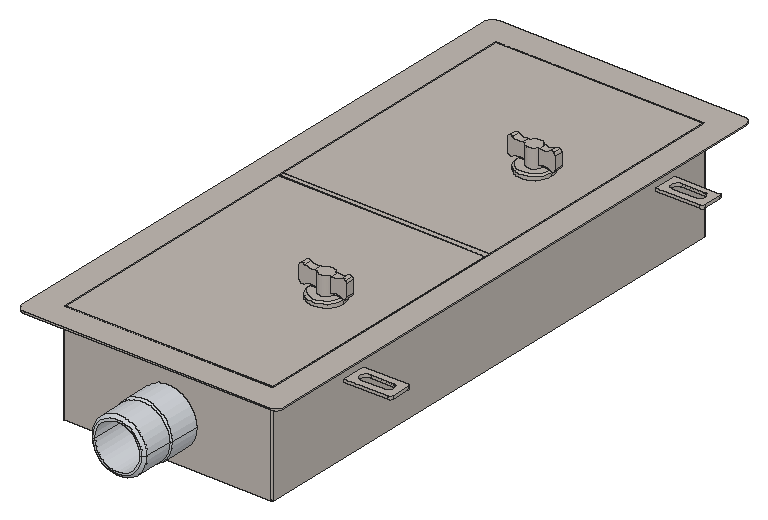
Revit family "MI-DIAL-CB", category Pipe Accessories, host Face, Revit 2018
Family settings
  Host = Face
  Round Connector Dimension = Use Diameter
  Part Type = Normal
  Cut with Voids When Loaded = No
  Shared = No
Parameters
  URL = "www.mifab.com"
  Model = "MI-DIAL-CB"
  Manufacturer = "MIFAB"
  Description = "STAINLESS STEEL COMPARTMENTALIZED DIALYSIS SUPPLY & WASTE BOX"
  Default Elevation = 4' - 0"
Reference planes (in)
  plane 1 "Center (Front/Back)": y = 0
  plane 2: z = 0
  plane 3 "Center (Left/Right)": x = 0
  plane 4: x = -4.375
  plane 5: x = 4.375
  plane 6: y = 9.90625
  plane 7: y = -9.90625
  plane 8: z = 3.375
  plane 9: x = -3.5
  plane 10: x = 3.5
  plane 11: y = 9.03125
  plane 12: y = -9.03125
  plane 13: z = 0.03906
  plane 14: y = 9.03125
  plane 15: x = 0.76141
  plane 16: x = 2.35719
  plane 17: y = 0.09416
  plane 18: y = -0.09416
  plane 19: y = -4.37545
  plane 20: y = 4.3125
  plane 21: x = 1.5601
Forms (in)
  Extrusion 1, solid, material "Box Material"
    sketch origin (0, 0, -2.291) x (1, 0, 0) y (0, 1, 0)
      loop
        arc (-4.375, -9.60857) -> (-4.28781, -9.81906) -> (-4.07732, -9.90625) r 0.29768
        line (-4.07732, -9.90625) -> (4.07812, -9.90625)
        arc (4.07812, -9.90625) -> (4.28805, -9.8193) -> (4.375, -9.60937) r 0.29688
        line (4.375, -9.60937) -> (4.375, 9.60937)
        arc (4.375, 9.60937) -> (4.28805, 9.8193) -> (4.07812, 9.90625) r 0.29688
        line (4.07812, 9.90625) -> (-4.07812, 9.90625)
        arc (-4.07812, 9.90625) -> (-4.28805, 9.8193) -> (-4.375, 9.60937) r 0.29688
        line (-4.375, 9.60937) -> (-4.375, -9.60857)
      loop
        arc (-3.44945, 9.03125) -> (-3.48519, 9.01644) -> (-3.5, 8.9807) r 0.05055
        line (-3.5, 8.9807) -> (-3.5, -8.98047)
        arc (-3.5, -8.98047) -> (-3.48513, -9.01638) -> (-3.44922, -9.03125) r 0.05078
        line (-3.44922, -9.03125) -> (3.44922, -9.03125)
        arc (3.44922, -9.03125) -> (3.48513, -9.01638) -> (3.5, -8.98047) r 0.05078
        line (3.5, -8.98047) -> (3.5, 8.98047)
        arc (3.5, 8.98047) -> (3.48513, 9.01638) -> (3.44922, 9.03125) r 0.05078
        line (3.44922, 9.03125) -> (-3.44945, 9.03125)
    from 3.33788 to 3.375
  Extrusion 2, solid, material "Box Material"
    sketch origin (0, 0, -2.291) x (1, 0, 0) y (0, 1, 0)
      loop
        arc (3.5, 8.98047) -> (3.48513, 9.01638) -> (3.44922, 9.03125) r 0.05078
        line (3.44922, 9.03125) -> (-3.44945, 9.03125)
        arc (-3.44945, 9.03125) -> (-3.48519, 9.01644) -> (-3.5, 8.9807) r 0.05055
        line (-3.5, 8.9807) -> (-3.5, -8.98047)
        arc (-3.5, -8.98047) -> (-3.48513, -9.01638) -> (-3.44922, -9.03125) r 0.05078
        line (-3.44922, -9.03125) -> (3.44922, -9.03125)
        arc (3.44922, -9.03125) -> (3.48513, -9.01638) -> (3.5, -8.98047) r 0.05078
        line (3.5, -8.98047) -> (3.5, 8.98047)
      loop
        line (-3.46094, 8.99281) -> (-3.46094, -8.99219) -> (3.46094, -8.99219) -> (3.46094, 8.99281) -> (-3.46094, 8.99281)
    from 0.03906 to 3.375
  Extrusion 3, solid, material "Box Material"
    sketch origin (0, 0, -2.291) x (1, 0, 0) y (0, 1, 0)
      loop
        line (-3.5, 8.9807) -> (-3.5, -8.98047)
        arc (-3.5, -8.98047) -> (-3.48513, -9.01638) -> (-3.44922, -9.03125) r 0.05078
        line (-3.44922, -9.03125) -> (3.44922, -9.03125)
        arc (3.44922, -9.03125) -> (3.48513, -9.01638) -> (3.5, -8.98047) r 0.05078
        line (3.5, -8.98047) -> (3.5, 8.98047)
        arc (3.5, 8.98047) -> (3.48513, 9.01638) -> (3.44922, 9.03125) r 0.05078
        line (3.44922, 9.03125) -> (-3.44945, 9.03125)
        arc (-3.44945, 9.03125) -> (-3.48519, 9.01644) -> (-3.5, 8.9807) r 0.05055
    from 0 to 0.03906
  Extrusion 4, solid, material "Box Material"
    sketch origin (0, 0, -2.291) x (1, 0, 0) y (0, 1, 0)
      loop
        line (3.5, -5.28304) -> (3.5, -6.09065) -> (5.00118, -6.09065)
        arc (5.00118, -6.09065) -> (5.07044, -6.06196) -> (5.09913, -5.9927) r 0.09795
        line (5.09913, -5.9927) -> (5.09913, -5.3807)
        arc (5.09913, -5.3807) -> (5.07053, -5.31165) -> (5.00147, -5.28304) r 0.09766
        line (5.00147, -5.28304) -> (3.5, -5.28304)
      loop
        arc (4.67644, -5.87797) -> (4.86771, -5.6867) -> (4.67644, -5.49543) r 0.19127
        line (4.67644, -5.49543) -> (3.93294, -5.49543)
        arc (3.93294, -5.49543) -> (3.74167, -5.6867) -> (3.93294, -5.87797) r 0.19127
        line (3.93294, -5.87797) -> (4.67644, -5.87797)
      loop
        line (-3.5, -5.28304) -> (-5.00147, -5.28304)
        arc (-5.00147, -5.28304) -> (-5.07053, -5.31165) -> (-5.09913, -5.3807) r 0.09766
        line (-5.09913, -5.3807) -> (-5.09913, -5.9927)
        arc (-5.09913, -5.9927) -> (-5.07044, -6.06196) -> (-5.00118, -6.09065) r 0.09795
        line (-5.00118, -6.09065) -> (-3.5, -6.09065) -> (-3.5, -5.28304)
      loop
        line (-4.67644, -5.87797) -> (-3.93294, -5.87797)
        arc (-3.93294, -5.87797) -> (-3.74167, -5.6867) -> (-3.93294, -5.49543) r 0.19127
        line (-3.93294, -5.49543) -> (-4.67644, -5.49543)
        arc (-4.67644, -5.49543) -> (-4.86771, -5.6867) -> (-4.67644, -5.87797) r 0.19127
      loop
        line (3.5, 7.71696) -> (3.5, 6.90935) -> (5.00118, 6.90935)
        arc (5.00118, 6.90935) -> (5.07044, 6.93804) -> (5.09913, 7.0073) r 0.09795
        line (5.09913, 7.0073) -> (5.09913, 7.6193)
        arc (5.09913, 7.6193) -> (5.07053, 7.68835) -> (5.00147, 7.71696) r 0.09766
        line (5.00147, 7.71696) -> (3.5, 7.71696)
      loop
        arc (4.67644, 7.12203) -> (4.86771, 7.3133) -> (4.67644, 7.50457) r 0.19127
        line (4.67644, 7.50457) -> (3.93294, 7.50457)
        arc (3.93294, 7.50457) -> (3.74167, 7.3133) -> (3.93294, 7.12203) r 0.19127
        line (3.93294, 7.12203) -> (4.67644, 7.12203)
      loop
        line (-3.5, 7.71696) -> (-5.00147, 7.71696)
        arc (-5.00147, 7.71696) -> (-5.07053, 7.68835) -> (-5.09913, 7.6193) r 0.09766
        line (-5.09913, 7.6193) -> (-5.09913, 7.0073)
        arc (-5.09913, 7.0073) -> (-5.07044, 6.93804) -> (-5.00118, 6.90935) r 0.09795
        line (-5.00118, 6.90935) -> (-3.5, 6.90935) -> (-3.5, 7.71696)
      loop
        line (-4.67644, 7.12203) -> (-3.93294, 7.12203)
        arc (-3.93294, 7.12203) -> (-3.74167, 7.3133) -> (-3.93294, 7.50457) r 0.19127
        line (-3.93294, 7.50457) -> (-4.67644, 7.50457)
        arc (-4.67644, 7.50457) -> (-4.86771, 7.3133) -> (-4.67644, 7.12203) r 0.19127
    from 2.291 to 2.375
  Extrusion 5, solid, material "Box Material"
    sketch origin (0, 0, -2.291) x (1, 0, 0) y (0, 1, 0)
      loop
        line (-3.46094, -0.09416) -> (3.46094, -0.09416) -> (3.46094, 0.09416) -> (-3.46094, 0.09416) -> (-3.46094, -0.09416)
    from 0.03906 to 3.375
  Extrusion 6, solid, material "Box Material"
    sketch origin (0, 0, -2.291) x (1, 0, 0) y (0, 1, 0)
      loop
        line (-3.46094, 8.99281) -> (-3.46094, 0.09416) -> (3.46094, 0.09416) -> (3.46094, 8.99281) -> (-3.46094, 8.99281)
      loop
        line (-3.46094, -0.09416) -> (-3.46094, -8.99219) -> (3.46094, -8.99219) -> (3.46094, -0.09416) -> (-3.46094, -0.09416)
    from 3.1535 to 3.375
  Extrusion 7, void
    sketch origin (0, 0, 0) x (1, 0, 0) y (0, 1, 0)
      loop
        arc (-3.44945, 9.03125) -> (-3.48519, 9.01644) -> (-3.5, 8.9807) r 0.05055
        line (-3.5, 8.9807) -> (-3.5, -8.98047)
        arc (-3.5, -8.98047) -> (-3.48513, -9.01638) -> (-3.44922, -9.03125) r 0.05078
        line (-3.44922, -9.03125) -> (3.44922, -9.03125)
        arc (3.44922, -9.03125) -> (3.48513, -9.01638) -> (3.5, -8.98047) r 0.05078
        line (3.5, -8.98047) -> (3.5, 8.98047)
        arc (3.5, 8.98047) -> (3.48513, 9.01638) -> (3.44922, 9.03125) r 0.05078
        line (3.44922, 9.03125) -> (-3.44945, 9.03125)
    from -2.291 to 0
Cuts and joins
  Extrusion 7 cuts Extrusion 4
  joined: Extrusion 1, Extrusion 2, Extrusion 3
Dimensions and locks (in)
  equal spacing: plane 4, plane 3 "Center (Left/Right)", plane 5
  plane 4 to plane 5 = 0' - 8 3/4"
  equal spacing: plane 7, plane 1 "Center (Front/Back)", plane 6
  plane 7 to plane 6 = 1' - 7 13/16"
  locked: plane 8 to level at 3.375
  equal spacing: plane 9, plane 3 "Center (Left/Right)", plane 10
  plane 9 to plane 10 = 0' - 7"
  equal spacing: plane 11, plane 1 "Center (Front/Back)", plane 12
  plane 11 to plane 12 = 1' - 6 1/16"
  aligned and locked: plane 2 to host face
  aligned and locked: level to host face
  aligned and locked: Extrusion 3 sketch curve to Extrusion 2  (x4)
  aligned and locked: Extrusion 6 sketch curve to Extrusion 5  (x4)
  aligned and locked: Extrusion 7 sketch curve to plane 11
  aligned and locked: Extrusion 7 sketch curve to plane 9
  aligned and locked: plane 10 to Extrusion 7 sketch curve
  aligned and locked: plane 12 to Extrusion 7 sketch curve
  aligned and locked: Extrusion 7 to Extrusion 3
  aligned and locked: level to Extrusion 7
Automatic sketch dimensions
  host sketch curve to host sketch curve = 8' - 0"  (x2)
  Extrusion 1 sketch curve to Extrusion 1 sketch curve = 0' - 0 19/64"  (x3)
  Extrusion 1 sketch curve to Extrusion 1 sketch curve = 0' - 0.29768"
  Extrusion 2 sketch curve to Extrusion 2 sketch curve = 0' - 0.01149"
  Extrusion 2 sketch curve to Extrusion 2 sketch curve = 0' - 0 3/256"  (x4)
  Extrusion 2 sketch curve to Extrusion 2 sketch curve = 0' - 0.01234"
  Extrusion 4 sketch curve to Extrusion 4 sketch curve = 0' - 0.32474"  (x4)
  Extrusion 4 sketch curve to Extrusion 4 sketch curve = 0' - 0.32504"  (x4)
  Extrusion 4 sketch curve to Extrusion 4 sketch curve = 0' - 0.09795"  (x2)
  Extrusion 4 sketch curve to Extrusion 4 sketch curve = 0' - 0 25/256"  (x3)
  Extrusion 4 sketch curve to Extrusion 4 sketch curve = 0' - 0.11473"  (x8)
  Extrusion 4 sketch curve to Extrusion 4 sketch curve = 0' - 0.19127"  (x4)
  Extrusion 4 sketch curve to Extrusion 4 sketch curve = 0' - 0"  (x10)
  Extrusion 1 sketch curve to Extrusion 1 sketch curve = 0' - 0.6281"  (x2)
  Extrusion 1 sketch curve to Extrusion 1 sketch curve = 0' - 0 161/256"  (x2)
  Extrusion 2 sketch curve to Extrusion 2 sketch curve = 0' - 0 5/128"  (x2)
  Extrusion 2 sketch curve to Extrusion 2 sketch curve = 0' - 6.89866"
  Extrusion 2 sketch curve to Extrusion 2 sketch curve = 1' - 5 123/128"
  Extrusion 4 sketch curve to Extrusion 4 sketch curve = 0' - 0.7435"  (x4)
  Extrusion 4 sketch curve to Extrusion 4 sketch curve = 0' - 0.43294"  (x4)
  Extrusion 4 sketch curve to Extrusion 4 sketch curve = 0' - 7"  (x2)
  Extrusion 4 sketch curve to Extrusion 4 sketch curve = 1' - 0.1924"
  Extrusion 5 sketch curve to Extrusion 5 sketch curve = 0' - 6 59/64"
  Extrusion 5 sketch curve to Extrusion 5 sketch curve = 0' - 0.18832"
  Extrusion 6 sketch curve to Extrusion 6 sketch curve = 0' - 6 59/64"
  Extrusion 6 sketch curve to Extrusion 6 sketch curve = 0' - 0"
  Extrusion 6 sketch curve to Extrusion 6 sketch curve = 0' - 8.89803"
  Extrusion 6 sketch curve to Extrusion 6 sketch curve = 0' - 8.89865"
  plane 9 to Extrusion 7 sketch curve = 0' - 0.05055"
  Extrusion 7 sketch curve to Extrusion 7 sketch curve = 0' - 0 13/256"  (x2)
  plane 9 to Extrusion 7 sketch curve = 0' - 0 13/256"
  Extrusion 1 sketch curve to plane 4 = 0' - 0"
  Extrusion 1 sketch curve to plane 9 = 0' - 0"
  plane 11 to Extrusion 1 sketch curve = 0' - 0"
  Extrusion 1 sketch curve to plane 12 = 0' - 0"
  Extrusion 1 sketch curve to plane 10 = 0' - 0"
  Extrusion 1 sketch curve to plane 6 = 0' - 0"
  plane 9 to Extrusion 1 sketch curve = 0' - 0.05055"
  Extrusion 1 sketch curve to Extrusion 1 sketch curve = 0' - 0 13/256"
  Extrusion 2 sketch curve to plane 9 = 0' - 0"
  Extrusion 2 sketch curve to plane 12 = 0' - 0"
  Extrusion 4 sketch curve to plane 9 = 0' - 0"
  plane 19 to Extrusion 4 sketch curve = 0' - 1.7152"
  Extrusion 5 sketch curve to plane 17 = 0' - 0"
  plane 9 to Extrusion 5 sketch curve = 0' - 0 5/128"
Nested families (in)
  nested 1: "Bottom Con1" at (0, -9.03125, -0.9785) x (-1, 0, 0) z (0, -1, 0), type "Bottom Con1"
  nested 2: "Top Con1" at (0, 9.03125, -1.00975) x (-1, 0, 0) z (0, 1, 0), type "Top Con1"
  nested 3: "Rooted  switch" at (1.5601, -4.37545, 1.084), type "Rooted  switch"
  nested 4: "Rooted  switch" at (1.5601, 4.3125, 1.084), type "Rooted  switch"
Connectors (in)
  piping at (0, -11.12916, -0.9785), diameter 1.5
    settings: on nested 1, index 1, connector inside diameter 609.6 mm, connector length 0' - 0", flow factor 0, pipe flow 0.0 L/s, pressure drop 0.0 Pa, fitting loss kfactor 0, connector angle 0.00°, fixture units 0, engagement length 0' - 0", angle of deflection 0.00°, flow configuration 0, flow direction 2, fitting loss method 0, system type 16, joint type 0, gender type 0, connector reference index -1, connector utility 0, adjustable connector no, is connector primary yes, connector description ""
  piping at (0, 10.67835, -1.00975), diameter 0.5
    settings: on nested 2, index 2, connector inside diameter 609.6 mm, connector length 0' - 0", flow factor 0, pipe flow 0.0 L/s, pressure drop 0.0 Pa, fitting loss kfactor 0, connector angle 0.00°, fixture units 0, engagement length 0' - 0", angle of deflection 0.00°, flow configuration 0, flow direction 1, fitting loss method 0, system type 16, joint type 0, gender type 0, connector reference index -1, connector utility 0, adjustable connector no, is connector primary no, connector description ""
Definition of nested family "Bottom Con1"
  Parameters (values of type "Bottom Con1")
    Default Elevation = 4' - 0"
  Reference planes (in)
    plane 1 "Center (Front/Back)": y = 0
    plane 2: z = 0
    plane 3 "Center (Left/Right)": x = 0
  Forms (in)
    Extrusion 1, solid
      sketch origin (0, 0, 0) x (1, 0, 0) y (0, 1, 0)
        loop
          line (-48, 48) -> (-48, -48) -> (48, -48) -> (48, 48) -> (-48, 48)
      from 0 to -12
    Revolve 2, solid
      sketch origin (-17.8814, 0, 10.75134) x (1, 0, 0) y (0, 0, -1)
        loop
          line (18.6314, 10.75134) -> (18.6314, 8.65343) -> (18.69705, 8.65343) -> (18.79092, 8.74729) -> (18.79092, 9.68522) -> (18.84139, 9.75729) -> (18.84139, 10.75134) -> (18.6314, 10.75134)
        axis (17.8814, 8.65343) -> (17.8814, 10.75134)
      angle from 0 to 360
  Dimensions and locks (in)
    aligned and locked: plane 2 to Extrusion 1
    aligned and locked: level to Extrusion 1
Definition of nested family "Top Con1"
  Parameters (values of type "Top Con1")
    Default Elevation = 4' - 0"
  Reference planes (in)
    plane 1 "Center (Front/Back)": y = 0
    plane 2: z = 0
    plane 3 "Center (Left/Right)": x = 0
  Forms (in)
    Extrusion 1, solid
      sketch origin (0, 0, 0) x (1, 0, 0) y (0, 1, 0)
        loop
          line (-48, 48) -> (-48, -48) -> (48, -48) -> (48, 48) -> (-48, 48)
      from 0 to -12
    Revolve 2, solid
      sketch origin (-17.90546, 0, -9.03125) x (1, 0, 0) y (0, 0, 1)
        loop
          line (18.15546, 10.67835) -> (18.15546, 9.03125) -> (18.65546, 9.03125) -> (18.65546, 9.12634) -> (18.37421, 9.12634) -> (18.37421, 9.87634) -> (18.30426, 9.94628) -> (18.30426, 10.6347) -> (18.26061, 10.67835) -> (18.15546, 10.67835)
        axis (17.90546, 9.03125) -> (17.90546, 10.67835)
      angle from 0 to 360
  Dimensions and locks (in)
    aligned and locked: plane 2 to Extrusion 1
    aligned and locked: level to Extrusion 1
Definition of nested family "Rooted  switch"
  Parameters (values of type "Rooted  switch")
    Material = none
    Default Elevation = 4' - 0"
  Reference planes (in)
    plane 1 "Center (Front/Back)": y = 0
    plane 2: z = 0
    plane 3 "Center (Left/Right)": x = 0
  Forms (in)
    Extrusion 1, solid
      sketch origin (0, 0, 0) x (1, 0, 0) y (0, 1, 0)
        loop
          line (-48, 48) -> (-48, -48) -> (48, -48) -> (48, 48) -> (-48, 48)
      from 0 to -12
    Revolve 2, solid, material <- "Material"
      sketch origin (-1.57827, 0, 15.64376) x (1, 0, 0) y (0, 0, -1)
        loop
          line (1.57827, 15.64376) -> (1.57827, 14.87521) -> (1.82915, 14.87521) -> (1.82915, 15.47816) -> (2.10161, 15.47816) -> (2.15874, 15.53529) -> (2.15874, 15.64376) -> (1.57827, 15.64376)
        axis (1.57827, 15.64376) -> (1.57827, 14.87521)
      angle from 0 to 360
    Extrusion 3, solid, material <- "Material"
      sketch origin (-1.57827, -1.25, 15.64376) x (1, 0, 0) y (0, 1, 0)
        loop
          line (1.73496, 1.375) -> (1.73496, 1.125) -> (2.39514, 1.125) -> (2.39514, 1.375) -> (1.73496, 1.375)
        loop
          line (1.40421, 1.375) -> (0.76141, 1.375) -> (0.76141, 1.125) -> (1.40421, 1.125) -> (1.40421, 1.375)
      from -15.41877 to -14.80436
    Extrusion 4, void
      sketch origin (-1.57827, -1.25, 15.64376) x (1, 0, 0) y (0, 0, -1)
        loop
          arc (1.78763, 15.38205) -> (1.98861, 15.32744) -> (2.18676, 15.39159) r 0.36516
          arc (2.18676, 15.39159) -> (2.25947, 15.41448) -> (2.33253, 15.39274) r 0.13017
          arc (2.33253, 15.39274) -> (2.36455, 15.35764) -> (2.37614, 15.31156) r 0.09736
          line (2.37614, 15.31156) -> (2.37614, 14.90943)
          arc (2.37614, 14.90943) -> (2.36455, 14.86336) -> (2.33253, 14.82825) r 0.09736
          arc (2.33253, 14.82825) -> (2.25947, 14.80651) -> (2.18676, 14.82941) r 0.13017
          arc (2.18676, 14.82941) -> (2.03139, 14.89001) -> (1.86529, 14.87521) r 0.36516
          line (1.86529, 14.87521) -> (1.73496, 14.87521) -> (1.73496, 14.79867) -> (2.43157, 14.79867) -> (2.43157, 15.42233) -> (1.78763, 15.42233) -> (1.78763, 15.38205)
      from 1.0162 to 1.4737
    Extrusion 5, void
      sketch origin (1.57827, -1.25, 15.64376) x (-1, 0, 0) y (0, 0, 1)
        loop
          line (1.79502, -15.3776) -> (1.79502, -15.42233) -> (2.43157, -15.42233) -> (2.43157, -14.79867) -> (1.7442, -14.79867) -> (1.7442, -14.87521) -> (1.86529, -14.87521)
          arc (1.86529, -14.87521) -> (2.03139, -14.89001) -> (2.18676, -14.82941) r 0.36516
          arc (2.18676, -14.82941) -> (2.25947, -14.80651) -> (2.33253, -14.82825) r 0.13017
          arc (2.33253, -14.82825) -> (2.36455, -14.86336) -> (2.37614, -14.90943) r 0.09736
          line (2.37614, -14.90943) -> (2.37614, -15.31156)
          arc (2.37614, -15.31156) -> (2.36455, -15.35764) -> (2.33253, -15.39274) r 0.09736
          arc (2.33253, -15.39274) -> (2.25947, -15.41448) -> (2.18676, -15.39159) r 0.13017
          arc (2.18676, -15.39159) -> (1.99292, -15.32757) -> (1.79502, -15.3776) r 0.36516
      from 1.0162 to 1.4737
  Cuts and joins
    Extrusion 4, Extrusion 5 cuts Extrusion 3
    joined: Revolve 2, Extrusion 3
  Dimensions and locks (in)
    aligned and locked: plane 2 to Extrusion 1
    aligned and locked: level to Extrusion 1
